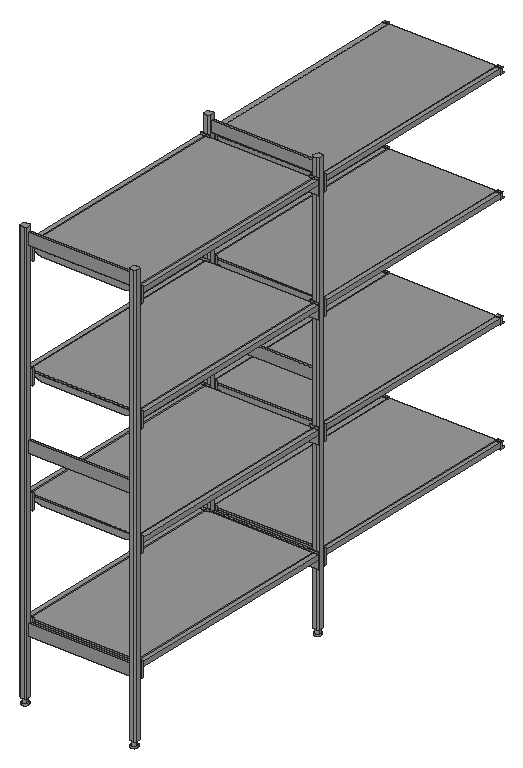
Revit family "QF_ELECTROLUXPROFESSIONAL_137082_CLS1840", category Attrezzature speciali, Revit 2020
Family settings
  Quota connettore circolare = Usa diametro
  Tipo di parte = Normale
  Basato su piano di lavoro = No
  Sempre verticale = Sì
  Taglio con vuoti quando caricato = No
  Condiviso = No
  Punto di calcolo locali = No
Parameters (values of type "Standard")
  Weight = 34.00 kg
  Watts = 0 W
  Volts = 0 V
  URL Manufacturer = "https://www.electroluxprofessional.com/"
  URL = "https://www.electroluxprofessional.com/"
  Steam Supply Size = 0 mm
  Steam Supply Minimum Pressure = 0.0 Pa
  Steam Supply Maximum Pressure = 0.0 Pa
  Steam Consumption per Hour = 0
  Refrigeration Suction Line Size = 0.0 mm
  Refrigeration Liquid Line Size = 0.0 mm
  Refrigerant Compressor Remote = yes
  Prospetto di default = 0.0 mm
  Phase = 0
  Modello = "CLS1840"
  Produttore = "Electrolux Professional"
  Length Actual = 1844.0 mm  # constant formula
  Item Number = "137082"
  Hot Water Size = 0 mm
  Height Actual = 1700.0 mm  # constant formula
  HP = "0 HP"
  Gas Size = 0 mm
  Gas KW = 0
  Gas Input Pressure = 0 W
  Direct Waste Size = 0 mm
  Descrizione = "ALUM.CORNER SHELV.-POLY.TIERS-475X1844MM"
  Depth Actual = 475.0 mm  # constant formula
  Cycle = 0 Hz
  Condensate Return Size = 0 mm
  Compressed Air Volume = 0.0 L/s
  Compressed Air Size = 0 mm
  Compressed Air Pressure = 0.0 Pa
  Cold Water Size = 0 mm
  Accessory = yes
Reference planes
  plane 1: z = 0
  plane 2 "CenterLeft": y = -535.5
  plane 3 "FRONT": y = -921.5
  plane 4 "LEFT": x = 192.5
  plane 5 "RIGHT": x = 667.5
  plane 6 "TOP": z = 1700
  plane 7: y = -889.5
  plane 8: y = -3.5
  plane 9 "Center (Left/Back)": x = 430
  plane 10: x = 256
  plane 11: x = 668
  plane 12 "FEET": z = 25
  plane 13: z = 275
  plane 14: z = 725
  plane 15: z = 1175
  plane 16: z = 1625
  plane 17 "CXLeft": y = -907.5
  plane 18 "Center (Front/Back)": y = 14.5
  plane 19 "CYFront": x = 510
  plane 20: y = 918.5
  plane 21: y = 32.5
  plane 22 "BACK": y = 922.5
  plane 23 "LEFT_ORIGIN": x = 158.5
  plane 24 "BACK_ORIGIN": y = 1397.5
Forms (mm)
  Extrusion 1, solid, material "QF_Aluminum"
    sketch origin (38.022, -921.5, -4.006) x (-1, 0, 0) y (0, 0, 1)
      loop
        line (-189.5, 1637.003) -> (-173.5, 1637.003) -> (-173.5, 1655) -> (-175.493, 1655) -> (-175.493, 1648.501) -> (-608.5, 1648.501) -> (-608.5, 1655) -> (-610.5, 1655) -> (-610.5, 1637.003) -> (-594.5, 1637.003) -> (-560.5, 1625) -> (-223.5, 1625) -> (-189.5, 1637.003)
      loop
        line (-189.5, 1187.003) -> (-173.5, 1187.003) -> (-173.5, 1205) -> (-175.493, 1205) -> (-175.493, 1198.501) -> (-608.5, 1198.501) -> (-608.5, 1205) -> (-610.5, 1205) -> (-610.5, 1187.003) -> (-594.5, 1187.003) -> (-560.5, 1175) -> (-223.5, 1175) -> (-189.5, 1187.003)
      loop
        line (-189.5, 737.003) -> (-173.5, 737.003) -> (-173.5, 755) -> (-175.493, 755) -> (-175.493, 748.501) -> (-608.5, 748.501) -> (-608.5, 755) -> (-610.5, 755) -> (-610.5, 737.003) -> (-594.5, 737.003) -> (-560.5, 725) -> (-223.5, 725) -> (-189.5, 737.003)
      loop
        line (-189.5, 287.003) -> (-173.5, 287.003) -> (-173.5, 305) -> (-175.493, 305) -> (-175.493, 298.501) -> (-608.5, 298.501) -> (-608.5, 305) -> (-610.5, 305) -> (-610.5, 287.003) -> (-594.5, 287.003) -> (-560.5, 275) -> (-223.5, 275) -> (-189.5, 287.003)
    from 37 to 32
  Extrusion 2, solid, material "QF_Aluminum"
    sketch origin (38.022, -921.5, 0) x (-1, 0, 0) y (0, 0, 1)
      loop
        line (-154.478, 246.005) -> (-154.478, 307.993) -> (-190.471, 307.993) -> (-190.471, 246.005) -> (-154.478, 246.005)
      loop
        line (-593.484, 246.005) -> (-593.484, 307.993) -> (-629.478, 307.993) -> (-629.478, 246.005) -> (-593.484, 246.005)
      loop
        line (-154.478, 696.005) -> (-154.478, 757.993) -> (-190.471, 757.993) -> (-190.471, 696.005) -> (-154.478, 696.005)
      loop
        line (-593.484, 696.005) -> (-593.484, 757.993) -> (-629.478, 757.993) -> (-629.478, 696.005) -> (-593.484, 696.005)
      loop
        line (-154.478, 1146.005) -> (-154.478, 1207.993) -> (-190.471, 1207.993) -> (-190.471, 1146.005) -> (-154.478, 1146.005)
      loop
        line (-593.484, 1146.005) -> (-593.484, 1207.993) -> (-629.478, 1207.993) -> (-629.478, 1146.005) -> (-593.484, 1146.005)
      loop
        line (-154.478, 1596.005) -> (-154.478, 1657.993) -> (-190.471, 1657.993) -> (-190.471, 1596.005) -> (-154.478, 1596.005)
      loop
        line (-593.484, 1596.005) -> (-593.484, 1657.993) -> (-629.478, 1657.993) -> (-629.478, 1596.005) -> (-593.484, 1596.005)
    from 28 to 32
  Extrusion 3, solid, material "QF_Aluminum"
    sketch origin (38.022, -921.5, 0) x (-1, 0, 0) y (0, 0, 1)
      loop
        line (-154.5, 1650.994) -> (-173.5, 1650.994) -> (-173.5, 1632.998) -> (-154.5, 1632.998) -> (-154.5, 1650.994)
      loop
        line (-154.5, 1200.994) -> (-173.5, 1200.994) -> (-173.5, 1182.998) -> (-154.5, 1182.998) -> (-154.5, 1200.994)
      loop
        line (-154.5, 750.994) -> (-173.5, 750.994) -> (-173.5, 732.998) -> (-154.5, 732.998) -> (-154.5, 750.994)
      loop
        line (-154.5, 300.994) -> (-173.5, 300.994) -> (-173.5, 282.998) -> (-154.5, 282.998) -> (-154.5, 300.994)
      loop
        line (-629.455, 1650.994) -> (-629.455, 1632.998) -> (-610.455, 1632.998) -> (-610.455, 1650.994) -> (-629.455, 1650.994)
      loop
        line (-629.455, 1200.994) -> (-629.455, 1182.998) -> (-610.455, 1182.998) -> (-610.455, 1200.994) -> (-629.455, 1200.994)
      loop
        line (-629.455, 750.994) -> (-629.455, 732.998) -> (-610.455, 732.998) -> (-610.455, 750.994) -> (-629.455, 750.994)
      loop
        line (-629.455, 300.994) -> (-629.455, 282.998) -> (-610.455, 282.998) -> (-610.455, 300.994) -> (-629.455, 300.994)
    from 32 to 918
  Extrusion 4, solid, material "QF_Polyethylene"
    sketch origin (38.022, -921.5, 0) x (-1, 0, 0) y (0, 0, 1)
      loop
        line (-175.493, 1650.994) -> (-608.5, 1650.994) -> (-608.5, 1644.496) -> (-175.493, 1644.496) -> (-175.493, 1650.994)
      loop
        line (-175.493, 1200.994) -> (-608.5, 1200.994) -> (-608.5, 1194.496) -> (-175.493, 1194.496) -> (-175.493, 1200.994)
      loop
        line (-175.493, 750.994) -> (-608.5, 750.994) -> (-608.5, 744.496) -> (-175.493, 744.496) -> (-175.493, 750.994)
      loop
        line (-175.493, 300.994) -> (-608.5, 300.994) -> (-608.5, 294.496) -> (-175.493, 294.496) -> (-175.493, 300.994)
    from 32 to 918
  Extrusion 5, solid, material "QF_Aluminum"
    sketch origin (38.022, 684.5, 0) x (-1, 0, 0) y (0, 0, 1)
      loop
        line (-154.5, 1650.994) -> (-173.5, 1650.994) -> (-173.5, 1632.998) -> (-154.5, 1632.998) -> (-154.5, 1650.994)
      loop
        line (-610.455, 1650.994) -> (-629.455, 1650.994) -> (-629.455, 1632.998) -> (-610.455, 1632.998) -> (-610.455, 1650.994)
      loop
        line (-154.5, 1200.994) -> (-173.5, 1200.994) -> (-173.5, 1182.998) -> (-154.5, 1182.998) -> (-154.5, 1200.994)
      loop
        line (-610.455, 1200.994) -> (-629.455, 1200.994) -> (-629.455, 1182.998) -> (-610.455, 1182.998) -> (-610.455, 1200.994)
      loop
        line (-154.5, 750.994) -> (-173.5, 750.994) -> (-173.5, 732.998) -> (-154.5, 732.998) -> (-154.5, 750.994)
      loop
        line (-610.455, 750.994) -> (-629.455, 750.994) -> (-629.455, 732.998) -> (-610.455, 732.998) -> (-610.455, 750.994)
      loop
        line (-154.5, 300.994) -> (-173.5, 300.994) -> (-173.5, 282.998) -> (-154.5, 282.998) -> (-154.5, 300.994)
      loop
        line (-610.455, 300.994) -> (-629.455, 300.994) -> (-629.455, 282.998) -> (-610.455, 282.998) -> (-610.455, 300.994)
    from 234 to -652
  Extrusion 6, solid, material "QF_Polyethylene"
    sketch origin (38.022, 684.5, 0) x (-1, 0, 0) y (0, 0, 1)
      loop
        line (-175.493, 1650.994) -> (-608.5, 1650.994) -> (-608.5, 1644.496) -> (-175.493, 1644.496) -> (-175.493, 1650.994)
      loop
        line (-175.493, 1200.994) -> (-608.5, 1200.994) -> (-608.5, 1194.496) -> (-175.493, 1194.496) -> (-175.493, 1200.994)
      loop
        line (-175.493, 750.994) -> (-608.5, 750.994) -> (-608.5, 744.496) -> (-175.493, 744.496) -> (-175.493, 750.994)
      loop
        line (-175.493, 300.994) -> (-608.5, 300.994) -> (-608.5, 294.496) -> (-175.493, 294.496) -> (-175.493, 300.994)
    from 234 to -652
Lines and regions (mm)
  symbolic lines
    curve 1: line (256, -912.5, 1700) -> (668, -912.5, 1700)
    curve 2: line (668, -902.5, 1700) -> (256, -902.5, 1700)
    curve 3: line (192.5, -893.5, 1700) -> (192.5, 0.5, 1700)
    curve 4: line (667.5, -889.5, 1700) -> (667.5, -3.5, 1700)
    curve 5: line (192.5, 28.5, 1700) -> (192.5, 922.5, 1700)
    curve 6: line (667.5, 28.5, 1700) -> (667.5, 922.5, 1700)
    curve 7: line (648.478, -3.5, 1700) -> (648.478, -889.5, 1700)
    curve 8: line (211.522, -889.5, 1700) -> (211.522, -3.5, 1700)
    curve 9: line (211.522, 32.5, 1700) -> (211.522, 918.5, 1700)
    curve 10: line (648.478, 918.5, 1700) -> (648.478, 32.5, 1700)
Dimensions and locks
  plane 3 "FRONT" to plane 2 "CenterLeft" = 386.0 mm
  locked: plane 6 "TOP" to level at 1700
  locked: plane 7 to plane 8 at 886
  locked: plane 10 to plane 11 at 412
  plane 10 to plane 9 "Center (Left/Back)" to plane 11 = 174.0 mm, 238.0 mm
  equal spacing: plane 4 "LEFT", plane 9 "Center (Left/Back)", plane 5 "RIGHT"
  plane 12 "FEET" to level = 25.0 mm
  plane 6 "TOP" to plane 12 "FEET" = 1675.0 mm
  plane 13 to plane 12 "FEET" = 250.0 mm
  plane 14 to plane 13 = 450.0 mm
  plane 15 to plane 14 = 450.0 mm
  plane 16 to plane 15 = 450.0 mm
  locked: plane 21 to plane 20 at 886
  locked: plane 8 to plane 18 "Center (Front/Back)" at 18
  locked: plane 18 "Center (Front/Back)" to plane 21 at 18
  locked: plane 3 "FRONT" to plane 7 at 32
  locked: plane 4 "LEFT" to plane 5 "RIGHT" at 475
  locked: plane 23 "LEFT_ORIGIN" to plane 5 "RIGHT" at 509
  locked: plane 22 "BACK" to plane 24 "BACK_ORIGIN" at 475
  locked: plane 22 "BACK" to plane 3 "FRONT" at 1844
  aligned and locked: level to plane 1
  aligned and locked: Extrusion 1 to plane 7
  aligned and locked: plane 7 to Extrusion 2
  aligned and locked: Extrusion 4 to plane 7
  aligned and locked: plane 8 to Extrusion 4
  aligned and locked: Extrusion 3 to plane 7
  aligned and locked: plane 8 to Extrusion 3
  aligned and locked: Extrusion 1 sketch curve to Extrusion 1 sketch curve  (x3)
  aligned and locked: Extrusion 5 sketch curve to Extrusion 5 sketch curve  (x2)
  aligned and locked: Extrusion 5 to plane 21  (x5)
  aligned and locked: Extrusion 6 to plane 21  (x5)
  aligned and locked: nested 2 to plane 18 "Center (Front/Back)"
  aligned and locked: plane 17 "CXLeft" to nested 1
  aligned and locked: plane 7 to Extrusion 3  (x3)
  aligned and locked: Extrusion 3 to plane 8  (x4)
  aligned and locked: Extrusion 4 to plane 8  (x4)
  aligned and locked: plane 20 to Extrusion 5
  aligned and locked: plane 20 to Extrusion 6
  aligned and locked: Extrusion 5 to plane 20  (x3)
  aligned and locked: Extrusion 6 to plane 20  (x3)
  aligned and locked: plane 9 "Center (Left/Back)" to nested 2
  aligned and locked: nested 3 to plane 22 "BACK"
Automatic sketch dimensions
  Extrusion 1 sketch curve to plane 19 "CYFront" = 138.522 mm  (x4)
  plane 11 to Extrusion 1 sketch curve = 35.478 mm  (x4)
  Extrusion 1 sketch curve to plane 13 = 4.006 mm
  Extrusion 1 sketch curve to Extrusion 1 sketch curve = 34.0 mm  (x4)
  Extrusion 1 sketch curve to plane 14 = 4.006 mm
  Extrusion 1 sketch curve to plane 15 = 4.006 mm
  Extrusion 1 sketch curve to plane 16 = 4.006 mm
  Extrusion 1 sketch curve to plane 10 = 5.522 mm  (x4)
  plane 10 to Extrusion 1 sketch curve = 28.478 mm  (x4)
  plane 13 to Extrusion 1 sketch curve = 7.998 mm  (x2)
  Extrusion 1 sketch curve to Extrusion 1 sketch curve = 11.498 mm  (x4)
  Extrusion 1 sketch curve to Extrusion 1 sketch curve = 6.499 mm  (x8)
  plane 14 to Extrusion 1 sketch curve = 7.998 mm  (x2)
  plane 15 to Extrusion 1 sketch curve = 7.998 mm  (x2)
  plane 16 to Extrusion 1 sketch curve = 7.998 mm  (x2)
  plane 5 "RIGHT" to Extrusion 2 sketch curve = 35.993 mm  (x4)
  Extrusion 2 sketch curve to plane 4 "LEFT" = 0.0 mm  (x4)
  plane 11 to Extrusion 2 sketch curve = 0.5 mm  (x4)
  plane 10 to Extrusion 2 sketch curve = 27.507 mm  (x4)
  Extrusion 2 sketch curve to plane 13 = 28.995 mm  (x2)
  plane 13 to Extrusion 2 sketch curve = 32.993 mm  (x2)
  Extrusion 2 sketch curve to plane 14 = 28.995 mm  (x2)
  plane 14 to Extrusion 2 sketch curve = 32.993 mm  (x2)
  Extrusion 2 sketch curve to plane 15 = 28.995 mm  (x2)
  plane 15 to Extrusion 2 sketch curve = 32.993 mm  (x2)
  Extrusion 2 sketch curve to plane 16 = 28.995 mm  (x2)
  plane 16 to Extrusion 2 sketch curve = 32.993 mm  (x2)
  plane 13 to Extrusion 4 sketch curve = 19.496 mm
  Extrusion 4 sketch curve to Extrusion 4 sketch curve = 6.499 mm  (x4)
  plane 14 to Extrusion 4 sketch curve = 19.496 mm
  plane 15 to Extrusion 4 sketch curve = 19.496 mm
  plane 16 to Extrusion 4 sketch curve = 19.496 mm
  plane 5 "RIGHT" to Extrusion 5 sketch curve = 0.022 mm  (x4)
  Extrusion 5 sketch curve to plane 4 "LEFT" = 19.022 mm  (x4)
  Extrusion 5 sketch curve to plane 19 "CYFront" = 138.478 mm  (x2)
  plane 13 to Extrusion 5 sketch curve = 7.998 mm  (x2)
  Extrusion 5 sketch curve to Extrusion 5 sketch curve = 17.997 mm  (x8)
  plane 14 to Extrusion 5 sketch curve = 7.998 mm  (x2)
  plane 15 to Extrusion 5 sketch curve = 7.998 mm  (x2)
  plane 16 to Extrusion 5 sketch curve = 7.998 mm  (x2)
  Extrusion 6 sketch curve to plane 19 "CYFront" = 136.522 mm  (x4)
  plane 13 to Extrusion 6 sketch curve = 19.496 mm
  Extrusion 6 sketch curve to Extrusion 6 sketch curve = 6.499 mm  (x4)
  plane 14 to Extrusion 6 sketch curve = 19.496 mm
  plane 15 to Extrusion 6 sketch curve = 19.496 mm
  plane 16 to Extrusion 6 sketch curve = 19.496 mm
  plane 5 "RIGHT" to Extrusion 3 sketch curve = 0.022 mm  (x4)
  Extrusion 3 sketch curve to Extrusion 3 sketch curve = 19.0 mm  (x4)
  plane 14 to Extrusion 3 sketch curve = 7.998 mm  (x2)
  plane 10 to Extrusion 3 sketch curve = 44.478 mm  (x4)
  Extrusion 3 sketch curve to plane 4 "LEFT" = 0.022 mm  (x4)
  plane 13 to Extrusion 3 sketch curve = 25.994 mm  (x2)
  plane 13 to Extrusion 3 sketch curve = 7.998 mm  (x2)
  Extrusion 3 sketch curve to Extrusion 3 sketch curve = 17.997 mm  (x6)
  plane 15 to Extrusion 3 sketch curve = 7.998 mm  (x2)
  plane 16 to Extrusion 3 sketch curve = 7.998 mm  (x2)
  plane 10 to Extrusion 1 sketch curve = 42.484 mm  (x4)
  plane 10 to Extrusion 1 sketch curve = 44.478 mm  (x2)
  Extrusion 1 sketch curve to Extrusion 1 sketch curve = 1.993 mm  (x2)
  plane 10 to Extrusion 4 sketch curve = 42.484 mm  (x4)
  Extrusion 5 sketch curve to plane 4 "LEFT" = 0.022 mm  (x4)
  plane 10 to Extrusion 6 sketch curve = 42.484 mm  (x4)
  Extrusion 1 sketch curve to Extrusion 1 sketch curve = 2.0 mm
  plane 5 "RIGHT" to Extrusion 4 sketch curve = 20.978 mm  (x4)
  curve 1 to plane 11 = 0.0 mm
  curve 1 to plane 10 = 0.0 mm
  curve 2 to plane 10 = 0.0 mm
  curve 2 to plane 11 = 0.0 mm
  curve 3 to plane 4 "LEFT" = 0.0 mm
  curve 4 to plane 5 "RIGHT" = 0.0 mm
  plane 7 to curve 4 = 0.0 mm
  plane 7 to curve 8 = 0.0 mm
  plane 8 to curve 8 = 0.0 mm
  plane 8 to curve 7 = 0.0 mm
  plane 8 to curve 4 = 0.0 mm
  curve 5 to plane 4 "LEFT" = 0.0 mm
  curve 6 to plane 5 "RIGHT" = 0.0 mm
  plane 20 to curve 9 = 0.0 mm
  plane 22 "BACK" to curve 5 = 0.0 mm
  plane 22 "BACK" to curve 6 = 0.0 mm
  plane 7 to curve 3 = 4.0 mm
  plane 17 "CXLeft" to curve 2 = 5.0 mm
  curve 1 to plane 17 "CXLeft" = 5.0 mm
  curve 3 to plane 8 = 4.0 mm
  curve 6 to plane 21 = 4.0 mm
  curve 9 to plane 4 "LEFT" = 19.022 mm
  curve 8 to plane 4 "LEFT" = 19.022 mm
  curve 9 to plane 21 = 0.0 mm
  plane 21 to curve 10 = 0.0 mm
  curve 5 to plane 21 = 4.0 mm
  plane 7 to curve 7 = 0.0 mm
  curve 4 to curve 7 = 19.022 mm
  plane 20 to curve 10 = 0.0 mm
  plane 5 "RIGHT" to curve 10 = 19.022 mm
Nested families
  nested 1: "WT_Anta475" at (215.5, -504.5, 0) x (0, 1, 0) z (0, 0, 1), type "WT_Anta475"
  nested 2: "WT_Anta475Center" at (215.5, 417.5, 0) x (0, 1, 0) z (0, 0, 1), type "WT_Anta475Center"
  nested 3: "WT_Aggancio475" at (215.5, 1330.5, 0) x (0, 1, 0) z (0, 0, 1), type "WT_Aggancio475"
Definition of nested family "WT_Anta475"
  Parameters
    WidthLeft = A + 64.0 mm  # 772.0 mm
    Width = 1606.0 mm
    Right = WidthLeft / 2  # 386.0 mm
    Default Elevation = 0.0 mm
    Left = -WidthLeft / 2  # -386.0 mm
    Height = 1725.0 mm
    FEET = 25.0 mm
    E = 0.0 mm
    Dint = Depth - 63.0 mm  # 412.0 mm
    Dext = Depth - 8.0 mm  # 467.0 mm
    Depth = 475.0 mm
    DX = (WidthLeft - A) / 2  # 32.0 mm
    B = 798.0 mm
    A = 708.0 mm
  Reference planes
    plane 1: z = 0
    plane 2 "LEFT": x = -417
    plane 3 "BACK": y = 23
    plane 4 "FRONT": y = -452
    plane 5 "TOP": z = 1725
    plane 6 "Center (Front/Back)": y = -214.5
    plane 7: y = -8.5
    plane 8: y = -420.5
    plane 9 "FEET": z = 25
    plane 10: z = 275
    plane 11: z = 725
    plane 12: z = 1175
    plane 13: z = 1625
    plane 14 "CXLeft": x = -403
    plane 15: y = 5.5
    plane 16 "CYBack": y = 5.5
    plane 17 "CYFront": y = -434.5
    plane 18: x = -385.031
    plane 19: x = -380.031
  Forms (mm)
    Extrusion 1, solid
      sketch origin (0, 0, 0) x (1, 0, 0) y (0, 1, 0)
        loop
          line (-417, 13.246) -> (-417, -2.246) -> (-410.746, -8.5) -> (-395.254, -8.5) -> (-389, -2.246) -> (-389, 13.246) -> (-395.254, 19.5) -> (-410.746, 19.5) -> (-417, 13.246)
      from 1725 to 25
    Extrusion 2, solid
      sketch origin (-417, 0, 0) x (0, 1, 0) y (0, 0, 1)
        loop
          line (23, 246.005) -> (23, 307.993) -> (-12.993, 307.993) -> (-12.993, 246.005) -> (23, 246.005)
        loop
          line (-452, 246.005) -> (-416.007, 246.005) -> (-416.007, 307.993) -> (-452, 307.993) -> (-452, 246.005)
        loop
          line (23, 696.005) -> (23, 757.993) -> (-12.993, 757.993) -> (-12.993, 696.005) -> (23, 696.005)
        loop
          line (-452, 696.005) -> (-416.007, 696.005) -> (-416.007, 757.993) -> (-452, 757.993) -> (-452, 696.005)
        loop
          line (23, 1146.005) -> (23, 1207.993) -> (-12.993, 1207.993) -> (-12.993, 1146.005) -> (23, 1146.005)
        loop
          line (-452, 1146.005) -> (-416.007, 1146.005) -> (-416.007, 1207.993) -> (-452, 1207.993) -> (-452, 1146.005)
        loop
          line (23, 1596.005) -> (23, 1657.993) -> (-12.993, 1657.993) -> (-12.993, 1596.005) -> (23, 1596.005)
        loop
          line (-452, 1596.005) -> (-416.007, 1596.005) -> (-416.007, 1657.993) -> (-452, 1657.993) -> (-452, 1596.005)
      from 28 to 32
    Revolve 3, solid
      sketch origin (-403, 0, 0) x (0, 1, 0) y (0, 0, 1)
        loop
          line (5.5, 25) -> (5.5, 0) -> (19, 0) -> (19, 5) -> (14, 5) -> (14, 25) -> (5.5, 25)
        axis (5.5, 25) -> (5.5, 0)
      angle from 0 to 360
    Extrusion 4, solid
      sketch origin (-403, 0, 0) x (0, 1, 0) y (0, 0, 1)
        loop
          line (-8.5, 912.382) -> (-8.5, 957.374) -> (-420.5, 957.374) -> (-420.5, 912.382) -> (-8.5, 912.382)
        loop
          line (-8.5, 1662.244) -> (-8.5, 1707.236) -> (-420.5, 1707.236) -> (-420.5, 1662.244) -> (-8.5, 1662.244)
      from -5 to 5
    Revolve 5, solid
      sketch origin (-403, -627, 0) x (0, -1, 0) y (0, 0, 1)
        loop
          line (-192.5, 25) -> (-192.5, 0) -> (-179, 0) -> (-179, 5) -> (-184, 5) -> (-184, 25) -> (-192.5, 25)
        axis (-192.5, 25) -> (-192.5, 0)
      angle from 0 to 360
    Extrusion 6, solid
      sketch origin (0, -627, 0) x (1, 0, 0) y (0, 1, 0)
        loop
          line (-417, 184.754) -> (-410.746, 178.5) -> (-395.254, 178.5) -> (-389, 184.754) -> (-389, 200.246) -> (-395.254, 206.5) -> (-410.746, 206.5) -> (-417, 200.246) -> (-417, 184.754)
      from 1725 to 25
    Extrusion 7, solid
      sketch origin (-417.031, -0.022, 0) x (0, 1, 0) y (0, 0, -1)
        loop
          line (-12, -1632.998) -> (-46, -1620.994) -> (-383, -1620.994) -> (-417, -1632.998) -> (-433, -1632.998) -> (-433, -1650.994) -> (-431, -1650.994) -> (-431, -1644.496) -> (2.007, -1644.496) -> (2.007, -1650.994) -> (4, -1650.994) -> (4, -1632.998) -> (-12, -1632.998)
        loop
          line (-12, -1182.998) -> (-46, -1170.994) -> (-383, -1170.994) -> (-417, -1182.998) -> (-433, -1182.998) -> (-433, -1200.994) -> (-431, -1200.994) -> (-431, -1194.496) -> (2.007, -1194.496) -> (2.007, -1200.994) -> (4, -1200.994) -> (4, -1182.998) -> (-12, -1182.998)
        loop
          line (-12, -732.998) -> (-46, -720.994) -> (-383, -720.994) -> (-417, -732.998) -> (-433, -732.998) -> (-433, -750.994) -> (-431, -750.994) -> (-431, -744.496) -> (2.007, -744.496) -> (2.007, -750.994) -> (4, -750.994) -> (4, -732.998) -> (-12, -732.998)
        loop
          line (-12, -282.998) -> (-46, -270.994) -> (-383, -270.994) -> (-417, -282.998) -> (-433, -282.998) -> (-433, -300.994) -> (-431, -300.994) -> (-431, -294.496) -> (2.007, -294.496) -> (2.007, -300.994) -> (4, -300.994) -> (4, -282.998) -> (-12, -282.998)
      from -32 to -37
    Extrusion 8, solid
      sketch origin (-403, 0, -659.878) x (0, 1, 0) y (0, 0, 1)
        loop
          line (-8.5, 912.382) -> (-8.5, 957.374) -> (-420.5, 957.374) -> (-420.5, 912.382) -> (-8.5, 912.382)
        loop
          line (-8.5, 1572.382) -> (-8.5, 1617.374) -> (-420.5, 1617.374) -> (-420.5, 1572.382) -> (-8.5, 1572.382)
        loop
          line (-8.5, 2322.382) -> (-8.5, 2367.374) -> (-420.5, 2367.374) -> (-420.5, 2322.382) -> (-8.5, 2322.382)
      from -5 to 5
  Lines and regions (mm)
    symbolic lines
      curve 1: line (-408, -8.5, 1725) -> (-408, -420.5, 1725)
      curve 2: line (-398, -420.5, 1725) -> (-398, -8.5, 1725)
      curve 3: line (-395.254, -8.5, 1725) -> (-410.746, -8.5, 1725)
      curve 4: line (-417, -2.246, 1725) -> (-410.746, -8.5, 1725)
      curve 5: line (-417, 13.246, 1725) -> (-417, -2.246, 1725)
      curve 6: line (-410.746, 19.5, 1725) -> (-417, 13.246, 1725)
      curve 7: line (-395.254, 19.5, 1725) -> (-410.746, 19.5, 1725)
      curve 8: line (-389, 13.246, 1725) -> (-395.254, 19.5, 1725)
      curve 9: line (-395.254, -8.5, 1725) -> (-389, -2.246, 1725)
      curve 10: line (-395.254, -420.5, 1725) -> (-410.746, -420.5, 1725)
      curve 11: line (-417, -426.754, 1725) -> (-410.746, -420.5, 1725)
      curve 12: line (-410.746, -448.5, 1725) -> (-417, -442.246, 1725)
      curve 13: line (-395.254, -448.5, 1725) -> (-410.746, -448.5, 1725)
      curve 14: line (-389, -442.246, 1725) -> (-395.254, -448.5, 1725)
      curve 15: line (-395.254, -420.5, 1725) -> (-389, -426.754, 1725)
      curve 16: line (-389, -452, 1725) -> (-389, -416.007, 1725)
      curve 17: line (-389, -416.007, 1725) -> (-385, -416.007, 1725)
      curve 18: line (-389, 23, 1725) -> (-389, -12.993, 1725)
      curve 19: line (-389, -12.993, 1725) -> (-385, -12.993, 1725)
      curve 20: line (-417, -426.754, 1725) -> (-417, -442.246, 1725)
      curve 21: line (-385, -452, 1725) -> (-385, -416.007, 1725)
      curve 22: line (-385, -452, 1725) -> (-389, -452, 1725)
      curve 23: line (-385, 23, 1725) -> (-389, 23, 1725)
      curve 24: line (-385, -12.993, 1725) -> (-385, 23, 1725)
      curve 25: line (-385.031, -13.016, 1725) -> (-385.031, -416.029, 1725)
  Dimensions and locks
    "Height": plane 5 "TOP" to level
    "Depth": plane 3 "BACK" to plane 4 "FRONT"
    "Dint": plane 7 to plane 8
    equal spacing: plane 7, plane 6 "Center (Front/Back)", plane 8
    equal spacing: plane 3 "BACK", plane 6 "Center (Front/Back)", plane 4 "FRONT"
    plane 9 "FEET" to level = 25.0 mm
    plane 5 "TOP" to plane 9 "FEET" = 1700.0 mm
    plane 10 to plane 9 "FEET" = 250.0 mm
    plane 11 to plane 10 = 450.0 mm
    plane 12 to plane 11 = 450.0 mm
    plane 13 to plane 12 = 450.0 mm
    locked: plane 2 "LEFT" to plane 14 "CXLeft" at 14
    locked: plane 3 "BACK" to plane 16 "CYBack" at 17.5
    locked: plane 17 "CYFront" to plane 4 "FRONT" at 17.5
    locked: Revolve 3 sketch curve to Revolve 3 sketch curve at 8.5
    locked: Revolve 3 sketch curve to plane 16 "CYBack" at 13.5
    locked: Revolve 5 sketch curve to Revolve 5 sketch curve at 8.5
    aligned and locked: level to plane 1
    aligned and locked: curve 20 to Extrusion 6
    aligned and locked: plane 5 "TOP" to Extrusion 1
    aligned and locked: plane 5 "TOP" to Extrusion 6
    aligned and locked: Extrusion 7 sketch curve to Extrusion 7 sketch curve  (x3)
  Automatic sketch dimensions
    curve 16 to plane 4 "FRONT" = 0.0 mm
    curve 11 to plane 8 = 0.0 mm
    curve 9 to plane 7 = 0.0 mm
    curve 5 to plane 2 "LEFT" = 0.0 mm
    curve 23 to plane 3 "BACK" = 0.0 mm
    plane 4 "FRONT" to curve 13 = 3.5 mm
    curve 20 to plane 17 "CYFront" = 7.746 mm
    curve 20 to plane 8 = 6.254 mm
    plane 8 to curve 16 = 4.493 mm
    curve 24 to plane 18 = 0.031 mm
    curve 24 to plane 7 = 4.493 mm
    plane 7 to curve 5 = 6.254 mm
    curve 5 to plane 15 = 7.746 mm
    curve 6 to plane 3 "BACK" = 3.5 mm
    curve 21 to plane 18 = 0.031 mm
    plane 18 to curve 23 = 3.969 mm
    plane 18 to curve 16 = 3.969 mm
    curve 18 to curve 8 = 6.254 mm
    curve 18 to curve 3 = 6.254 mm
    curve 16 to curve 13 = 6.254 mm
    curve 16 to curve 15 = 6.254 mm
    plane 2 "LEFT" to curve 10 = 6.254 mm
    plane 2 "LEFT" to curve 7 = 6.254 mm
    plane 2 "LEFT" to curve 12 = 6.254 mm
    plane 2 "LEFT" to curve 3 = 6.254 mm
    curve 14 to plane 17 "CYFront" = 7.746 mm
    curve 15 to plane 8 = 6.254 mm
    plane 7 to curve 9 = 6.254 mm
    curve 8 to plane 15 = 7.746 mm
    curve 3 to curve 2 = 2.746 mm
    curve 1 to curve 10 = 2.746 mm
    Extrusion 1 sketch curve to plane 2 "LEFT" = 0.0 mm
    Extrusion 1 sketch curve to plane 7 = 0.0 mm
    plane 2 "LEFT" to Extrusion 1 sketch curve = 6.254 mm  (x2)
    plane 14 "CXLeft" to Extrusion 1 sketch curve = 7.746 mm  (x2)
    Extrusion 1 sketch curve to plane 3 "BACK" = 3.5 mm
    plane 18 to Extrusion 1 sketch curve = 3.969 mm
    plane 7 to Extrusion 1 sketch curve = 6.254 mm  (x2)
    Extrusion 1 sketch curve to plane 15 = 7.746 mm  (x2)
    Extrusion 2 sketch curve to plane 4 "FRONT" = 0.0 mm  (x4)
    Extrusion 2 sketch curve to plane 3 "BACK" = 0.0 mm  (x4)
    plane 8 to Extrusion 2 sketch curve = 4.493 mm  (x4)
    Extrusion 2 sketch curve to plane 7 = 4.493 mm  (x4)
    Extrusion 2 sketch curve to plane 10 = 28.995 mm  (x2)
    plane 10 to Extrusion 2 sketch curve = 32.993 mm  (x2)
    Extrusion 2 sketch curve to plane 11 = 28.995 mm  (x2)
    plane 11 to Extrusion 2 sketch curve = 32.993 mm  (x2)
    Extrusion 2 sketch curve to plane 12 = 28.995 mm  (x2)
    plane 12 to Extrusion 2 sketch curve = 32.993 mm  (x2)
    Extrusion 2 sketch curve to plane 13 = 28.995 mm  (x2)
    plane 13 to Extrusion 2 sketch curve = 32.993 mm  (x2)
    Revolve 3 sketch curve to plane 9 "FEET" = 0.0 mm  (x2)
    Revolve 3 sketch curve to plane 15 = 0.0 mm  (x2)
    Revolve 3 sketch curve to level = 0.0 mm
    level to Revolve 3 sketch curve = 5.0 mm
    Revolve 3 sketch curve to Revolve 3 sketch curve = 11.655 mm
    Extrusion 4 sketch curve to plane 8 = 0.0 mm  (x2)
    Extrusion 4 sketch curve to plane 7 = 0.0 mm  (x2)
    plane 11 to Extrusion 4 sketch curve = 187.382 mm
    Extrusion 4 sketch curve to Extrusion 4 sketch curve = 44.992 mm
    plane 13 to Extrusion 4 sketch curve = 37.244 mm
    Extrusion 4 sketch curve to plane 5 "TOP" = 17.764 mm
    Revolve 5 sketch curve to plane 9 "FEET" = 0.0 mm  (x2)
    Revolve 5 sketch curve to plane 17 "CYFront" = 0.0 mm  (x2)
    Revolve 5 sketch curve to level = 0.0 mm
    Revolve 5 sketch curve to plane 4 "FRONT" = 4.0 mm
    Revolve 5 sketch curve to Revolve 5 sketch curve = 5.0 mm
    level to Revolve 5 sketch curve = 11.655 mm
    Extrusion 6 sketch curve to plane 2 "LEFT" = 0.0 mm
    Extrusion 6 sketch curve to plane 8 = 0.0 mm
    Extrusion 6 sketch curve to plane 2 "LEFT" = 6.254 mm  (x2)
    Extrusion 6 sketch curve to plane 14 "CXLeft" = 7.746 mm  (x2)
    Extrusion 6 sketch curve to plane 4 "FRONT" = 3.5 mm
    Extrusion 6 sketch curve to plane 18 = 3.969 mm
    plane 8 to Extrusion 6 sketch curve = 6.254 mm  (x2)
    plane 17 "CYFront" to Extrusion 6 sketch curve = 7.746 mm  (x2)
    plane 17 "CYFront" to Extrusion 7 sketch curve = 1.478 mm  (x4)
    Extrusion 7 sketch curve to Extrusion 7 sketch curve = 2.0 mm
    plane 8 to Extrusion 7 sketch curve = 3.478 mm  (x4)
    Extrusion 7 sketch curve to plane 10 = 4.006 mm
    Extrusion 7 sketch curve to Extrusion 7 sketch curve = 34.0 mm  (x4)
    Extrusion 7 sketch curve to plane 11 = 4.006 mm
    Extrusion 7 sketch curve to plane 12 = 4.006 mm
    Extrusion 7 sketch curve to plane 13 = 4.006 mm
    Extrusion 7 sketch curve to plane 7 = 37.522 mm  (x4)
    Extrusion 7 sketch curve to plane 7 = 3.522 mm  (x4)
    plane 15 to Extrusion 7 sketch curve = 3.516 mm  (x4)
    plane 15 to Extrusion 7 sketch curve = 1.522 mm  (x4)
    plane 13 to Extrusion 7 sketch curve = 7.998 mm  (x2)
    Extrusion 7 sketch curve to Extrusion 7 sketch curve = 11.498 mm
    Extrusion 7 sketch curve to Extrusion 7 sketch curve = 6.499 mm  (x5)
    plane 12 to Extrusion 7 sketch curve = 25.994 mm  (x2)
    plane 12 to Extrusion 7 sketch curve = 7.998 mm  (x2)
    plane 11 to Extrusion 7 sketch curve = 25.994 mm  (x2)
    plane 11 to Extrusion 7 sketch curve = 7.998 mm  (x2)
    plane 10 to Extrusion 7 sketch curve = 25.994 mm  (x2)
    plane 10 to Extrusion 7 sketch curve = 7.998 mm  (x2)
    curve 25 to plane 18 = 0.0 mm
    plane 8 to curve 25 = 4.471 mm
    curve 25 to plane 7 = 4.516 mm
    Extrusion 8 sketch curve to plane 8 = 0.0 mm  (x3)
    Extrusion 8 sketch curve to plane 7 = 0.0 mm  (x3)
    Extrusion 8 sketch curve to plane 10 = 22.496 mm
    plane 10 to Extrusion 8 sketch curve = 22.496 mm
    plane 11 to Extrusion 8 sketch curve = 187.504 mm
    Extrusion 8 sketch curve to Extrusion 8 sketch curve = 44.992 mm
    plane 13 to Extrusion 8 sketch curve = 37.504 mm
    Extrusion 8 sketch curve to plane 5 "TOP" = 17.504 mm
Definition of nested family "WT_Anta475Center"
  Parameters
    WidthLeft = A + 64.0 mm  # 772.0 mm
    Width = 1606.0 mm
    Right = WidthLeft / 2  # 386.0 mm
    Default Elevation = 0.0 mm
    Left = -WidthLeft / 2  # -386.0 mm
    Height = 1725.0 mm
    FEET = 25.0 mm
    E = 0.0 mm
    Dint = Depth - 63.0 mm  # 412.0 mm
    Dext = Depth - 8.0 mm  # 467.0 mm
    Depth = 475.0 mm
    DX = (WidthLeft - A) / 2  # 32.0 mm
    B = 798.0 mm
    A = 708.0 mm
  Reference planes
    plane 1: z = 0
    plane 2 "L": x = -417
    plane 3 "BACK": y = 23
    plane 4 "FRONT": y = -452
    plane 5 "TOP": z = 1725
    plane 6 "Center (Front/Back)": y = -214.5
    plane 7: y = -8.5
    plane 8: y = -420.5
    plane 9 "FEET": z = 25
    plane 10: z = 275
    plane 11: z = 725
    plane 12: z = 1175
    plane 13: z = 1625
    plane 14 "CXLeft": x = -403
    plane 15: y = 5.5
    plane 16 "CYBack": y = 5.5
    plane 17 "CYFront": y = -434.5
    plane 18: x = -385.031
    plane 19 "RIGHT": x = -380.031
    plane 20: x = -420.969
    plane 21 "LEFT": x = -425.969
  Forms (mm)
    Extrusion 1, solid
      sketch origin (0, 0, 0) x (1, 0, 0) y (0, 1, 0)
        loop
          line (-417, 13.246) -> (-417, -2.246) -> (-410.746, -8.5) -> (-395.254, -8.5) -> (-389, -2.246) -> (-389, 13.246) -> (-395.254, 19.5) -> (-410.746, 19.5) -> (-417, 13.246)
      from 1725 to 25
    Extrusion 2, solid
      sketch origin (-417, 0, 0) x (0, 1, 0) y (0, 0, 1)
        loop
          line (23, 246.005) -> (23, 307.993) -> (-12.993, 307.993) -> (-12.993, 246.005) -> (23, 246.005)
        loop
          line (-452, 246.005) -> (-416.007, 246.005) -> (-416.007, 307.993) -> (-452, 307.993) -> (-452, 246.005)
        loop
          line (23, 696.005) -> (23, 757.993) -> (-12.993, 757.993) -> (-12.993, 696.005) -> (23, 696.005)
        loop
          line (-452, 696.005) -> (-416.007, 696.005) -> (-416.007, 757.993) -> (-452, 757.993) -> (-452, 696.005)
        loop
          line (23, 1146.005) -> (23, 1207.993) -> (-12.993, 1207.993) -> (-12.993, 1146.005) -> (23, 1146.005)
        loop
          line (-452, 1146.005) -> (-416.007, 1146.005) -> (-416.007, 1207.993) -> (-452, 1207.993) -> (-452, 1146.005)
        loop
          line (23, 1596.005) -> (23, 1657.993) -> (-12.993, 1657.993) -> (-12.993, 1596.005) -> (23, 1596.005)
        loop
          line (-452, 1596.005) -> (-416.007, 1596.005) -> (-416.007, 1657.993) -> (-452, 1657.993) -> (-452, 1596.005)
      from 28 to 32
    Revolve 3, solid
      sketch origin (-403, 0, 0) x (0, 1, 0) y (0, 0, 1)
        loop
          line (5.5, 25) -> (5.5, 0) -> (19, 0) -> (19, 5) -> (14, 5) -> (14, 25) -> (5.5, 25)
        axis (5.5, 25) -> (5.5, 0)
      angle from 0 to 360
    Extrusion 4, solid
      sketch origin (-403, 0, 0) x (0, 1, 0) y (0, 0, 1)
        loop
          line (-8.5, 912.382) -> (-8.5, 957.374) -> (-420.5, 957.374) -> (-420.5, 912.382) -> (-8.5, 912.382)
        loop
          line (-8.5, 1662.244) -> (-8.5, 1707.236) -> (-420.5, 1707.236) -> (-420.5, 1662.244) -> (-8.5, 1662.244)
      from -5 to 5
    Revolve 5, solid
      sketch origin (-403, -627, 0) x (0, -1, 0) y (0, 0, 1)
        loop
          line (-192.5, 25) -> (-192.5, 0) -> (-179, 0) -> (-179, 5) -> (-184, 5) -> (-184, 25) -> (-192.5, 25)
        axis (-192.5, 25) -> (-192.5, 0)
      angle from 0 to 360
    Extrusion 6, solid
      sketch origin (0, -627, 0) x (1, 0, 0) y (0, 1, 0)
        loop
          line (-417, 184.754) -> (-410.746, 178.5) -> (-395.254, 178.5) -> (-389, 184.754) -> (-389, 200.246) -> (-395.254, 206.5) -> (-410.746, 206.5) -> (-417, 200.246) -> (-417, 184.754)
      from 1725 to 25
    Extrusion 7, solid
      sketch origin (-417.031, -0.022, 0) x (0, 1, 0) y (0, 0, -1)
        loop
          line (-12, -1632.998) -> (-46, -1620.994) -> (-383, -1620.994) -> (-417, -1632.998) -> (-433, -1632.998) -> (-433, -1650.994) -> (-431, -1650.994) -> (-431, -1644.496) -> (2.007, -1644.496) -> (2.007, -1650.994) -> (4, -1650.994) -> (4, -1632.998) -> (-12, -1632.998)
        loop
          line (-12, -1182.998) -> (-46, -1170.994) -> (-383, -1170.994) -> (-417, -1182.998) -> (-433, -1182.998) -> (-433, -1200.994) -> (-431, -1200.994) -> (-431, -1194.496) -> (2.007, -1194.496) -> (2.007, -1200.994) -> (4, -1200.994) -> (4, -1182.998) -> (-12, -1182.998)
        loop
          line (-12, -732.998) -> (-46, -720.994) -> (-383, -720.994) -> (-417, -732.998) -> (-433, -732.998) -> (-433, -750.994) -> (-431, -750.994) -> (-431, -744.496) -> (2.007, -744.496) -> (2.007, -750.994) -> (4, -750.994) -> (4, -732.998) -> (-12, -732.998)
        loop
          line (-12, -282.998) -> (-46, -270.994) -> (-383, -270.994) -> (-417, -282.998) -> (-433, -282.998) -> (-433, -300.994) -> (-431, -300.994) -> (-431, -294.496) -> (2.007, -294.496) -> (2.007, -300.994) -> (4, -300.994) -> (4, -282.998) -> (-12, -282.998)
      from -32 to -37
    Extrusion 8, solid
      sketch origin (-403, 0, -659.878) x (0, 1, 0) y (0, 0, 1)
        loop
          line (-8.5, 912.382) -> (-8.5, 957.374) -> (-420.5, 957.374) -> (-420.5, 912.382) -> (-8.5, 912.382)
        loop
          line (-8.5, 1572.382) -> (-8.5, 1617.374) -> (-420.5, 1617.374) -> (-420.5, 1572.382) -> (-8.5, 1572.382)
        loop
          line (-8.5, 2322.382) -> (-8.5, 2367.374) -> (-420.5, 2367.374) -> (-420.5, 2322.382) -> (-8.5, 2322.382)
      from -5 to 5
    Extrusion 9, solid
      sketch origin (-389, 0, 0) x (0, 1, 0) y (0, 0, -1)
        loop
          line (23, -246.005) -> (-12.993, -246.005) -> (-12.993, -307.993) -> (23, -307.993) -> (23, -246.005)
        loop
          line (-452, -246.005) -> (-452, -307.993) -> (-416.007, -307.993) -> (-416.007, -246.005) -> (-452, -246.005)
        loop
          line (23, -696.005) -> (-12.993, -696.005) -> (-12.993, -757.993) -> (23, -757.993) -> (23, -696.005)
        loop
          line (-452, -696.005) -> (-452, -757.993) -> (-416.007, -757.993) -> (-416.007, -696.005) -> (-452, -696.005)
        loop
          line (23, -1146.005) -> (-12.993, -1146.005) -> (-12.993, -1207.993) -> (23, -1207.993) -> (23, -1146.005)
        loop
          line (-452, -1146.005) -> (-452, -1207.993) -> (-416.007, -1207.993) -> (-416.007, -1146.005) -> (-452, -1146.005)
        loop
          line (23, -1596.005) -> (-12.993, -1596.005) -> (-12.993, -1657.993) -> (23, -1657.993) -> (23, -1596.005)
        loop
          line (-452, -1596.005) -> (-452, -1657.993) -> (-416.007, -1657.993) -> (-416.007, -1596.005) -> (-452, -1596.005)
      from 28 to 32
    Extrusion 10, solid
      sketch origin (-388.969, -0.022, 0) x (0, 1, 0) y (0, 0, 1)
        loop
          line (-12, 1632.998) -> (4, 1632.998) -> (4, 1650.994) -> (2.007, 1650.994) -> (2.007, 1644.496) -> (-431, 1644.496) -> (-431, 1650.994) -> (-433, 1650.994) -> (-433, 1632.998) -> (-417, 1632.998) -> (-383, 1620.994) -> (-46, 1620.994) -> (-12, 1632.998)
        loop
          line (-12, 1182.998) -> (4, 1182.998) -> (4, 1200.994) -> (2.007, 1200.994) -> (2.007, 1194.496) -> (-431, 1194.496) -> (-431, 1200.994) -> (-433, 1200.994) -> (-433, 1182.998) -> (-417, 1182.998) -> (-383, 1170.994) -> (-46, 1170.994) -> (-12, 1182.998)
        loop
          line (-12, 732.998) -> (4, 732.998) -> (4, 750.994) -> (2.007, 750.994) -> (2.007, 744.496) -> (-431, 744.496) -> (-431, 750.994) -> (-433, 750.994) -> (-433, 732.998) -> (-417, 732.998) -> (-383, 720.994) -> (-46, 720.994) -> (-12, 732.998)
        loop
          line (-12, 282.998) -> (4, 282.998) -> (4, 300.994) -> (2.007, 300.994) -> (2.007, 294.496) -> (-431, 294.496) -> (-431, 300.994) -> (-433, 300.994) -> (-433, 282.998) -> (-417, 282.998) -> (-383, 270.994) -> (-46, 270.994) -> (-12, 282.998)
      from -32 to -37
  Lines and regions (mm)
    symbolic lines
      curve 1: line (-408, -8.5, 1725) -> (-408, -420.5, 1725)
      curve 2: line (-398, -420.5, 1725) -> (-398, -8.5, 1725)
      curve 3: line (-395.254, -8.5, 1725) -> (-410.746, -8.5, 1725)
      curve 4: line (-417, -2.246, 1725) -> (-410.746, -8.5, 1725)
      curve 5: line (-410.746, 19.5, 1725) -> (-417, 13.246, 1725)
      curve 6: line (-395.254, 19.5, 1725) -> (-410.746, 19.5, 1725)
      curve 7: line (-389, 13.246, 1725) -> (-395.254, 19.5, 1725)
      curve 8: line (-395.254, -8.5, 1725) -> (-389, -2.246, 1725)
      curve 9: line (-395.254, -420.5, 1725) -> (-410.746, -420.5, 1725)
      curve 10: line (-417, -426.754, 1725) -> (-410.746, -420.5, 1725)
      curve 11: line (-410.746, -448.5, 1725) -> (-417, -442.246, 1725)
      curve 12: line (-395.254, -448.5, 1725) -> (-410.746, -448.5, 1725)
      curve 13: line (-389, -442.246, 1725) -> (-395.254, -448.5, 1725)
      curve 14: line (-395.254, -420.5, 1725) -> (-389, -426.754, 1725)
      curve 15: line (-389, -452, 1725) -> (-389, -416.007, 1725)
      curve 16: line (-389, -416.007, 1725) -> (-385, -416.007, 1725)
      curve 17: line (-389, 23, 1725) -> (-389, -12.993, 1725)
      curve 18: line (-389, -12.993, 1725) -> (-385, -12.993, 1725)
      curve 19: line (-385, -452, 1725) -> (-385, -416.007, 1725)
      curve 20: line (-385, -452, 1725) -> (-389, -452, 1725)
      curve 21: line (-385, 23, 1725) -> (-389, 23, 1725)
      curve 22: line (-385, -12.993, 1725) -> (-385, 23, 1725)
      curve 23: line (-385.031, -13.016, 1725) -> (-385.031, -416.029, 1725)
      curve 24: line (-417, -452, 1725) -> (-417, -416.007, 1725)
      curve 25: line (-417, -416.007, 1725) -> (-421, -416.007, 1725)
      curve 26: line (-417, 23, 1725) -> (-417, -12.993, 1725)
      curve 27: line (-417, -12.993, 1725) -> (-421, -12.993, 1725)
      curve 28: line (-421, -452, 1725) -> (-421, -416.007, 1725)
      curve 29: line (-421, -452, 1725) -> (-417, -452, 1725)
      curve 30: line (-421, 23, 1725) -> (-417, 23, 1725)
      curve 31: line (-421, -12.993, 1725) -> (-421, 23, 1725)
      curve 32: line (-420.969, -13.016, 1725) -> (-420.969, -416.029, 1725)
  Dimensions and locks
    "Height": plane 5 "TOP" to level
    "Depth": plane 3 "BACK" to plane 4 "FRONT"
    "Dint": plane 7 to plane 8
    equal spacing: plane 7, plane 6 "Center (Front/Back)", plane 8
    equal spacing: plane 3 "BACK", plane 6 "Center (Front/Back)", plane 4 "FRONT"
    plane 9 "FEET" to level = 25.0 mm
    plane 5 "TOP" to plane 9 "FEET" = 1700.0 mm
    plane 10 to plane 9 "FEET" = 250.0 mm
    plane 11 to plane 10 = 450.0 mm
    plane 12 to plane 11 = 450.0 mm
    plane 13 to plane 12 = 450.0 mm
    locked: plane 3 "BACK" to plane 16 "CYBack" at 17.5
    locked: plane 17 "CYFront" to plane 4 "FRONT" at 17.5
    locked: Revolve 3 sketch curve to Revolve 3 sketch curve at 8.5
    locked: Revolve 3 sketch curve to plane 16 "CYBack" at 13.5
    locked: Revolve 5 sketch curve to Revolve 5 sketch curve at 8.5
    aligned and locked: level to plane 1
    aligned and locked: plane 5 "TOP" to Extrusion 1
    aligned and locked: plane 5 "TOP" to Extrusion 6
    aligned and locked: Extrusion 7 sketch curve to Extrusion 7 sketch curve  (x3)
    aligned and locked: Extrusion 10 sketch curve to Extrusion 10 sketch curve  (x3)
  Automatic sketch dimensions
    curve 15 to plane 4 "FRONT" = 0.0 mm
    curve 28 to plane 4 "FRONT" = 0.0 mm
    curve 9 to plane 8 = 0.0 mm
    curve 25 to plane 2 "L" = 0.0 mm
    curve 8 to plane 7 = 0.0 mm
    curve 17 to plane 3 "BACK" = 0.0 mm
    curve 30 to plane 3 "BACK" = 0.0 mm
    plane 4 "FRONT" to curve 11 = 3.5 mm
    curve 19 to plane 18 = 0.031 mm
    plane 8 to curve 19 = 4.493 mm
    plane 8 to curve 25 = 4.493 mm
    curve 27 to plane 20 = 0.031 mm
    curve 27 to plane 7 = 4.493 mm
    curve 17 to plane 7 = 4.493 mm
    curve 5 to plane 15 = 7.746 mm
    curve 7 to plane 3 "BACK" = 3.5 mm
    curve 18 to plane 18 = 0.031 mm
    plane 18 to curve 21 = 3.969 mm
    plane 18 to curve 20 = 3.969 mm
    curve 15 to curve 9 = 6.254 mm
    curve 17 to curve 7 = 6.254 mm
    curve 17 to curve 3 = 6.254 mm
    curve 15 to curve 12 = 6.254 mm
    plane 2 "L" to curve 12 = 6.254 mm
    plane 2 "L" to curve 4 = 6.254 mm
    plane 2 "L" to curve 10 = 6.254 mm
    plane 2 "L" to curve 5 = 6.254 mm
    curve 28 to plane 20 = 0.031 mm
    curve 13 to plane 17 "CYFront" = 7.746 mm
    curve 14 to plane 8 = 6.254 mm
    plane 7 to curve 8 = 6.254 mm
    curve 7 to plane 15 = 7.746 mm
    curve 9 to curve 2 = 2.746 mm
    curve 1 to curve 9 = 2.746 mm
    Extrusion 1 sketch curve to plane 2 "L" = 0.0 mm
    Extrusion 1 sketch curve to plane 7 = 0.0 mm
    plane 2 "L" to Extrusion 1 sketch curve = 6.254 mm  (x2)
    plane 14 "CXLeft" to Extrusion 1 sketch curve = 7.746 mm  (x2)
    Extrusion 1 sketch curve to plane 3 "BACK" = 3.5 mm
    plane 18 to Extrusion 1 sketch curve = 3.969 mm
    plane 7 to Extrusion 1 sketch curve = 6.254 mm  (x2)
    Extrusion 1 sketch curve to plane 15 = 7.746 mm  (x2)
    Extrusion 2 sketch curve to plane 4 "FRONT" = 0.0 mm  (x4)
    Extrusion 2 sketch curve to plane 3 "BACK" = 0.0 mm  (x4)
    plane 8 to Extrusion 2 sketch curve = 4.493 mm  (x4)
    Extrusion 2 sketch curve to plane 7 = 4.493 mm  (x4)
    Extrusion 2 sketch curve to plane 10 = 28.995 mm  (x2)
    plane 10 to Extrusion 2 sketch curve = 32.993 mm  (x2)
    Extrusion 2 sketch curve to plane 11 = 28.995 mm  (x2)
    plane 11 to Extrusion 2 sketch curve = 32.993 mm  (x2)
    Extrusion 2 sketch curve to plane 12 = 28.995 mm  (x2)
    plane 12 to Extrusion 2 sketch curve = 32.993 mm  (x2)
    Extrusion 2 sketch curve to plane 13 = 28.995 mm  (x2)
    plane 13 to Extrusion 2 sketch curve = 32.993 mm  (x2)
    Revolve 3 sketch curve to plane 9 "FEET" = 0.0 mm  (x2)
    Revolve 3 sketch curve to plane 15 = 0.0 mm  (x2)
    Revolve 3 sketch curve to level = 0.0 mm
    level to Revolve 3 sketch curve = 5.0 mm
    Revolve 3 sketch curve to Revolve 3 sketch curve = 11.655 mm
    Extrusion 4 sketch curve to plane 8 = 0.0 mm  (x2)
    Extrusion 4 sketch curve to plane 7 = 0.0 mm  (x2)
    plane 11 to Extrusion 4 sketch curve = 187.382 mm
    Extrusion 4 sketch curve to Extrusion 4 sketch curve = 44.992 mm
    plane 13 to Extrusion 4 sketch curve = 37.244 mm
    Extrusion 4 sketch curve to plane 5 "TOP" = 17.764 mm
    Revolve 5 sketch curve to plane 9 "FEET" = 0.0 mm  (x2)
    Revolve 5 sketch curve to plane 17 "CYFront" = 0.0 mm  (x2)
    Revolve 5 sketch curve to level = 0.0 mm
    Revolve 5 sketch curve to plane 4 "FRONT" = 4.0 mm
    Revolve 5 sketch curve to Revolve 5 sketch curve = 5.0 mm
    level to Revolve 5 sketch curve = 11.655 mm
    Extrusion 6 sketch curve to plane 2 "L" = 0.0 mm
    Extrusion 6 sketch curve to plane 8 = 0.0 mm
    Extrusion 6 sketch curve to plane 2 "L" = 6.254 mm  (x2)
    Extrusion 6 sketch curve to plane 14 "CXLeft" = 7.746 mm  (x2)
    Extrusion 6 sketch curve to plane 4 "FRONT" = 3.5 mm
    Extrusion 6 sketch curve to plane 18 = 3.969 mm
    plane 8 to Extrusion 6 sketch curve = 6.254 mm  (x2)
    plane 17 "CYFront" to Extrusion 6 sketch curve = 7.746 mm  (x2)
    plane 17 "CYFront" to Extrusion 7 sketch curve = 1.478 mm  (x4)
    Extrusion 7 sketch curve to Extrusion 7 sketch curve = 2.0 mm
    plane 8 to Extrusion 7 sketch curve = 3.478 mm  (x4)
    Extrusion 7 sketch curve to plane 10 = 4.006 mm
    Extrusion 7 sketch curve to Extrusion 7 sketch curve = 34.0 mm  (x4)
    Extrusion 7 sketch curve to plane 11 = 4.006 mm
    Extrusion 7 sketch curve to plane 12 = 4.006 mm
    Extrusion 7 sketch curve to plane 13 = 4.006 mm
    Extrusion 7 sketch curve to plane 7 = 37.522 mm  (x4)
    Extrusion 7 sketch curve to plane 7 = 3.522 mm  (x4)
    plane 15 to Extrusion 7 sketch curve = 3.516 mm  (x4)
    plane 15 to Extrusion 7 sketch curve = 1.522 mm  (x4)
    plane 13 to Extrusion 7 sketch curve = 7.998 mm  (x2)
    Extrusion 7 sketch curve to Extrusion 7 sketch curve = 11.498 mm
    Extrusion 7 sketch curve to Extrusion 7 sketch curve = 6.499 mm  (x5)
    plane 12 to Extrusion 7 sketch curve = 25.994 mm  (x2)
    plane 12 to Extrusion 7 sketch curve = 7.998 mm  (x2)
    plane 11 to Extrusion 7 sketch curve = 25.994 mm  (x2)
    plane 11 to Extrusion 7 sketch curve = 7.998 mm  (x2)
    plane 10 to Extrusion 7 sketch curve = 25.994 mm  (x2)
    plane 10 to Extrusion 7 sketch curve = 7.998 mm  (x2)
    curve 23 to plane 18 = 0.0 mm
    curve 32 to plane 20 = 0.0 mm
    plane 8 to curve 23 = 4.471 mm
    plane 8 to curve 32 = 4.471 mm
    curve 32 to plane 7 = 4.516 mm
    curve 23 to plane 7 = 4.516 mm
    Extrusion 8 sketch curve to plane 8 = 0.0 mm  (x3)
    Extrusion 8 sketch curve to plane 7 = 0.0 mm  (x3)
    Extrusion 8 sketch curve to plane 10 = 22.496 mm
    plane 10 to Extrusion 8 sketch curve = 22.496 mm
    plane 11 to Extrusion 8 sketch curve = 187.504 mm
    Extrusion 8 sketch curve to Extrusion 8 sketch curve = 44.992 mm
    plane 13 to Extrusion 8 sketch curve = 37.504 mm
    Extrusion 8 sketch curve to plane 5 "TOP" = 17.504 mm
    Extrusion 9 sketch curve to plane 4 "FRONT" = 0.0 mm  (x4)
    Extrusion 9 sketch curve to plane 3 "BACK" = 0.0 mm  (x4)
    plane 8 to Extrusion 9 sketch curve = 4.493 mm  (x4)
    Extrusion 9 sketch curve to plane 7 = 4.493 mm  (x4)
    plane 13 to Extrusion 9 sketch curve = 32.993 mm  (x2)
    Extrusion 9 sketch curve to plane 13 = 28.995 mm  (x2)
    plane 12 to Extrusion 9 sketch curve = 32.993 mm  (x2)
    Extrusion 9 sketch curve to plane 12 = 28.995 mm  (x2)
    plane 11 to Extrusion 9 sketch curve = 32.993 mm  (x2)
    Extrusion 9 sketch curve to plane 11 = 28.995 mm  (x2)
    plane 10 to Extrusion 9 sketch curve = 32.993 mm  (x2)
    Extrusion 9 sketch curve to plane 10 = 28.995 mm  (x2)
    plane 17 "CYFront" to Extrusion 10 sketch curve = 1.478 mm  (x4)
    Extrusion 10 sketch curve to Extrusion 10 sketch curve = 2.0 mm
    plane 8 to Extrusion 10 sketch curve = 3.478 mm  (x4)
    Extrusion 10 sketch curve to plane 10 = 4.006 mm
    Extrusion 10 sketch curve to Extrusion 10 sketch curve = 34.0 mm  (x4)
    Extrusion 10 sketch curve to plane 11 = 4.006 mm
    Extrusion 10 sketch curve to plane 12 = 4.006 mm
    Extrusion 10 sketch curve to plane 13 = 4.006 mm
    Extrusion 10 sketch curve to plane 7 = 37.522 mm  (x4)
    Extrusion 10 sketch curve to plane 7 = 3.522 mm  (x4)
    plane 15 to Extrusion 10 sketch curve = 3.516 mm  (x4)
    plane 15 to Extrusion 10 sketch curve = 1.522 mm  (x4)
    plane 10 to Extrusion 10 sketch curve = 7.998 mm  (x2)
    Extrusion 10 sketch curve to Extrusion 10 sketch curve = 11.498 mm  (x4)
    Extrusion 10 sketch curve to Extrusion 10 sketch curve = 6.499 mm  (x8)
    plane 11 to Extrusion 10 sketch curve = 7.998 mm  (x2)
    plane 12 to Extrusion 10 sketch curve = 7.998 mm  (x2)
    plane 13 to Extrusion 10 sketch curve = 7.998 mm  (x2)
    curve 4 to plane 2 "L" = 0.0 mm
    plane 7 to curve 4 = 6.254 mm
    curve 11 to plane 17 "CYFront" = 7.746 mm
    curve 10 to plane 8 = 6.254 mm
Definition of nested family "WT_Aggancio475"
  Parameters
    WidthLeft = A + 64.0 mm  # 772.0 mm
    Width = 1606.0 mm
    Right = WidthLeft / 2  # 386.0 mm
    Default Elevation = 0.0 mm
    Left = -WidthLeft / 2  # -386.0 mm
    Height = 1725.0 mm
    FEET = 25.0 mm
    E = 0.0 mm
    Dint = Depth - 63.0 mm  # 412.0 mm
    Dext = Depth - 8.0 mm  # 467.0 mm
    Depth = 475.0 mm
    DX = (WidthLeft - A) / 2  # 32.0 mm
    B = 798.0 mm
    A = 708.0 mm
  Reference planes
    plane 1: z = 0
    plane 2 "LEFT": x = -417
    plane 3 "BACK": y = 23
    plane 4 "FRONT": y = -452
    plane 5 "TOP": z = 1725
    plane 6 "Center (Front/Back)": y = -214.5
    plane 7: y = -8.5
    plane 8: y = -420.5
    plane 9 "FEET": z = 25
    plane 10: z = 275
    plane 11: z = 725
    plane 12: z = 1175
    plane 13: z = 1625
    plane 14: y = 5.5
    plane 15 "CYBack": y = 5.5
    plane 16 "CYFront": y = -434.5
  Forms (mm)
    Extrusion 1, solid
      sketch origin (-380, -0.022, 0) x (0, 1, 0) y (0, 0, 1)
        loop
          line (-12, 1632.998) -> (4, 1632.998) -> (4, 1650.994) -> (2.007, 1650.994) -> (2.007, 1644.496) -> (-431, 1644.496) -> (-431, 1650.994) -> (-433, 1650.994) -> (-433, 1632.998) -> (-417, 1632.998) -> (-383, 1620.994) -> (-46, 1620.994) -> (-12, 1632.998)
        loop
          line (-12, 1182.998) -> (4, 1182.998) -> (4, 1200.994) -> (2.007, 1200.994) -> (2.007, 1194.496) -> (-431, 1194.496) -> (-431, 1200.994) -> (-433, 1200.994) -> (-433, 1182.998) -> (-417, 1182.998) -> (-383, 1170.994) -> (-46, 1170.994) -> (-12, 1182.998)
        loop
          line (-12, 732.998) -> (4, 732.998) -> (4, 750.994) -> (2.007, 750.994) -> (2.007, 744.496) -> (-431, 744.496) -> (-431, 750.994) -> (-433, 750.994) -> (-433, 732.998) -> (-417, 732.998) -> (-383, 720.994) -> (-46, 720.994) -> (-12, 732.998)
        loop
          line (-12, 282.998) -> (4, 282.998) -> (4, 300.994) -> (2.007, 300.994) -> (2.007, 294.496) -> (-431, 294.496) -> (-431, 300.994) -> (-433, 300.994) -> (-433, 282.998) -> (-417, 282.998) -> (-383, 270.994) -> (-46, 270.994) -> (-12, 282.998)
      from -32 to -37
    Extrusion 2, solid
      sketch origin (-793.062, -324.754, 6.5) x (1, 0, 0) y (0, 0, 1)
        loop
          line (385.062, 1644.496) -> (385.062, 1647.496) -> (376.062, 1647.496) -> (376.062, 1620.994) -> (390.031, 1620.994) -> (390.031, 1626.496) -> (381.062, 1626.496) -> (381.062, 1644.496) -> (385.062, 1644.496)
        loop
          line (385.062, 1194.496) -> (385.062, 1197.496) -> (376.062, 1197.496) -> (376.062, 1170.994) -> (390.031, 1170.994) -> (390.031, 1176.496) -> (381.062, 1176.496) -> (381.062, 1194.496) -> (385.062, 1194.496)
        loop
          line (385.062, 744.496) -> (385.062, 747.496) -> (376.062, 747.496) -> (376.062, 720.994) -> (390.031, 720.994) -> (390.031, 726.496) -> (381.062, 726.496) -> (381.062, 744.496) -> (385.062, 744.496)
        loop
          line (385.062, 294.496) -> (385.062, 297.496) -> (376.062, 297.496) -> (376.062, 270.994) -> (390.031, 270.994) -> (390.031, 276.496) -> (381.062, 276.496) -> (381.062, 294.496) -> (385.062, 294.496)
      from 108.268 to 127.246
    Extrusion 3, solid
      sketch origin (-793.062, 32.754, 6.5) x (1, 0, 0) y (0, 0, 1)
        loop
          line (385.062, 1644.496) -> (385.062, 1647.496) -> (376.062, 1647.496) -> (376.062, 1620.994) -> (390.031, 1620.994) -> (390.031, 1626.496) -> (381.062, 1626.496) -> (381.062, 1644.496) -> (385.062, 1644.496)
        loop
          line (385.062, 1194.496) -> (385.062, 1197.496) -> (376.062, 1197.496) -> (376.062, 1170.994) -> (390.031, 1170.994) -> (390.031, 1176.496) -> (381.062, 1176.496) -> (381.062, 1194.496) -> (385.062, 1194.496)
        loop
          line (385.062, 744.496) -> (385.062, 747.496) -> (376.062, 747.496) -> (376.062, 720.994) -> (390.031, 720.994) -> (390.031, 726.496) -> (381.062, 726.496) -> (381.062, 744.496) -> (385.062, 744.496)
        loop
          line (385.062, 294.496) -> (385.062, 297.496) -> (376.062, 297.496) -> (376.062, 270.994) -> (390.031, 270.994) -> (390.031, 276.496) -> (381.062, 276.496) -> (381.062, 294.496) -> (385.062, 294.496)
      from 9.754 to 28.776
  Lines and regions (mm)
    symbolic lines
      curve 1: line (-412, -452, 0) -> (-408, -452, 0)
      curve 2: line (-412, -433.022, 0) -> (-412, -452, 0)
      curve 3: line (-408, -433.022, 0) -> (-412, -433.022, 0)
      curve 4: line (-408, -452, 0) -> (-408, -433.022, 0)
      curve 5: line (-412, 3.978, 0) -> (-408, 3.978, 0)
      curve 6: line (-412, 23, 0) -> (-412, 3.978, 0)
      curve 7: line (-408, 23, 0) -> (-412, 23, 0)
      curve 8: line (-408, 3.978, 0) -> (-408, 23, 0)
  Dimensions and locks
    "Height": plane 5 "TOP" to level
    "Depth": plane 3 "BACK" to plane 4 "FRONT"
    "Dint": plane 7 to plane 8
    equal spacing: plane 7, plane 6 "Center (Front/Back)", plane 8
